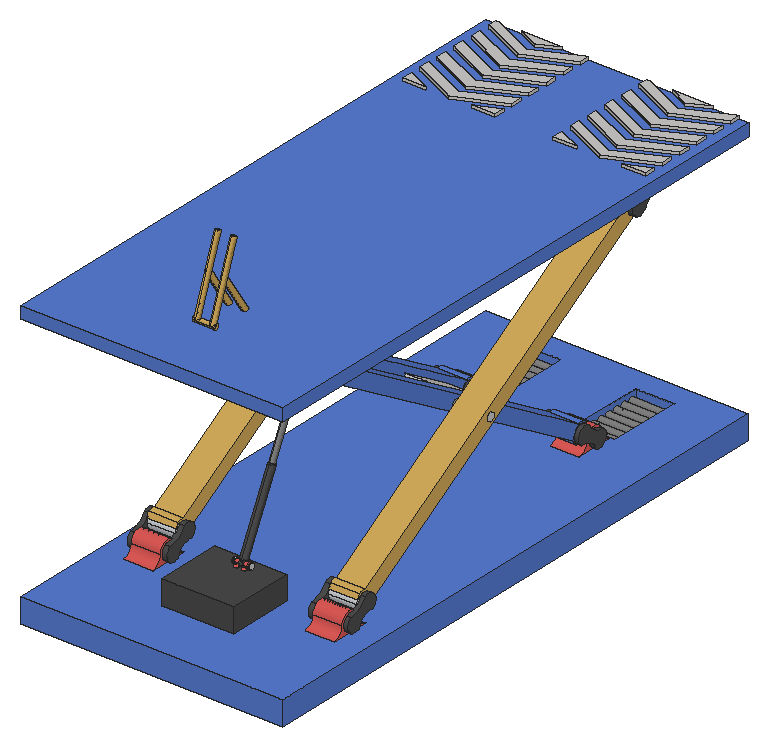
Revit family "Motorcycle lift", category Generic Models, host Floor, Revit 2011
Reference planes (in)
  plane 1 "Center (Front/Back)": y = 0
  plane 2: z = 0
  plane 3 "Center (Left/Right)": x = 0
Forms (in)
  Extrusion 1, solid, material "base"
    sketch origin (0, 0, 0) x (0, 1, 0) y (0, 0, 1)
      loop
        line (-60, 0) -> (60, 0) -> (60, 5) -> (-60, 5) -> (-60, 0)
    from 0 to 54
  Extrusion 2, solid, material "roll pins"
    sketch origin (0, 0, 0) x (0, 1, 0) y (0, 0, 1)
      loop
        circle (-36, 7) r 1.75
      loop
        arc (-38, 7) -> (-38.58579, 5.58579) -> (-40, 5) r 2
        line (-40, 5) -> (-32, 5)
        arc (-32, 5) -> (-33.41421, 5.58579) -> (-34, 7) r 2
        arc (-34, 7) -> (-36, 9) -> (-38, 7) r 2
    from 5.29201 to 11.29952
  Extrusion 3, solid, material "roll pins"
    sketch origin (54, 0, 0) x (0, 1, 0) y (0, 0, -1)
      loop
        arc (38, -7) -> (38.58579, -5.58579) -> (40, -5) r 2
        line (40, -5) -> (32, -5)
        arc (32, -5) -> (33.41421, -5.58579) -> (34, -7) r 2
        arc (34, -7) -> (36, -9) -> (38, -7) r 2
      loop
        circle (36, -7) r 1.75
    from 12.45048 to 18.45048
  Extrusion 4, solid, material "bushing"
    sketch origin (0, 0, 0) x (0, 1, 0) y (0, 0, 1)
      loop
        arc (-36.91402, 8.49234) -> (-37.49234, 6.08598) -> (-35.08598, 5.50766) r 1.75
        arc (-35.08598, 5.50766) -> (-33.65564, 7.24089) -> (-31.46174, 7.72743) r 3.45428
        arc (-31.46174, 7.72743) -> (-30.88342, 10.13379) -> (-33.28978, 10.7121) r 1.75
        arc (-33.28978, 10.7121) -> (-34.77369, 9.06635) -> (-36.91402, 8.49234) r 3.90718
    from 4.28139 to 5.29201
  Extrusion 5, solid, material "bushing"
    sketch origin (54, 0, 0) x (0, -1, 0) y (0, 0, 1)
      loop
        arc (-36.91402, 8.49234) -> (-37.49234, 6.08598) -> (-35.08598, 5.50766) r 1.75
        arc (-35.08598, 5.50766) -> (-33.65564, 7.24089) -> (-31.46174, 7.72743) r 3.45428
        arc (-31.46174, 7.72743) -> (-30.88342, 10.13379) -> (-33.28978, 10.7121) r 1.75
        arc (-33.28978, 10.7121) -> (-34.77369, 9.06635) -> (-36.91402, 8.49234) r 3.90718
    from 11.43532 to 12.45048
  Extrusion 6, solid, material "bushing"
    sketch origin (23.09905, 0, 0) x (0, -1, 0) y (0, 0, -1)
      loop
        arc (-36.91402, -8.49234) -> (-34.77369, -9.06635) -> (-33.28978, -10.7121) r 3.90718
        arc (-33.28978, -10.7121) -> (-30.88342, -10.13379) -> (-31.46174, -7.72743) r 1.75
        arc (-31.46174, -7.72743) -> (-33.65564, -7.24089) -> (-35.08598, -5.50766) r 3.45428
        arc (-35.08598, -5.50766) -> (-37.49234, -6.08598) -> (-36.91402, -8.49234) r 1.75
    from 11.43532 to 12.45048
  Extrusion 7, solid, material "bushing"
    sketch origin (30.90095, 0, 0) x (0, 1, 0) y (0, 0, -1)
      loop
        arc (-36.91402, -8.49234) -> (-34.77369, -9.06635) -> (-33.28978, -10.7121) r 3.90718
        arc (-33.28978, -10.7121) -> (-30.88342, -10.13379) -> (-31.46174, -7.72743) r 1.75
        arc (-31.46174, -7.72743) -> (-33.65564, -7.24089) -> (-35.08598, -5.50766) r 3.45428
        arc (-35.08598, -5.50766) -> (-37.49234, -6.08598) -> (-36.91402, -8.49234) r 1.75
    from 18.45048 to 19.60143
  Extrusion 8, solid
    sketch origin (0, 0, 0) x (0, 1, 0) y (0, 0, 1)
      loop
        circle (-32.37576, 9.21976) r 1.75
    from 5.29201 to 11.29952
  Extrusion 9, solid
    sketch origin (54, 0, 0) x (0, -1, 0) y (0, 0, 1)
      loop
        circle (-32.37576, 9.21976) r 1.75
    from 12.45048 to 18.45048
  Extrusion 10, solid, material "exterior arm"
    sketch origin (0, 0, 0) x (0, 1, 0) y (0, 0, 1)
      loop
        arc (-31.33116, 7.51424) -> (-30.78509, 8.00457) -> (-30.44951, 8.65726) r 2.02608
        line (-30.44951, 8.65726) -> (36.776, 49.83132)
        arc (36.776, 49.83132) -> (37.50991, 49.83365) -> (38.19483, 50.09728) r 2.02608
        line (38.19483, 50.09728) -> (38.70913, 51.00759)
        arc (38.70913, 51.00759) -> (35.6579, 50.88879) -> (37.15024, 53.55281) r 1.75
        line (37.15024, 53.55281) -> (36.0784, 53.55281)
        arc (36.0784, 53.55281) -> (35.50919, 53.03188) -> (35.17601, 52.33592) r 2.02608
        line (35.17601, 52.33592) -> (-31.95354, 11.22064)
        arc (-31.95354, 11.22064) -> (-32.72489, 11.2401) -> (-33.44759, 10.96976) r 2.02608
        line (-33.44759, 10.96976) -> (-33.93464, 10.01498)
        arc (-33.93464, 10.01498) -> (-30.88342, 10.13379) -> (-32.37576, 7.46976) r 1.75
        line (-32.37576, 7.46976) -> (-31.33116, 7.51424)
    from 5.29201 to 11.29952
  Extrusion 11, solid, material "base"
    sketch origin (0, 0, 0) x (0, -1, 0) y (0, 0, -1)
      loop
        line (-31.33116, -7.51424) -> (-32.37576, -7.46976)
        arc (-32.37576, -7.46976) -> (-30.88342, -10.13379) -> (-33.93464, -10.01498) r 1.75
        line (-33.93464, -10.01498) -> (-33.44759, -10.96976)
        arc (-33.44759, -10.96976) -> (-32.72489, -11.2401) -> (-31.95354, -11.22064) r 2.02608
        line (-31.95354, -11.22064) -> (35.17601, -52.33592)
        arc (35.17601, -52.33592) -> (35.50919, -53.03188) -> (36.0784, -53.55281) r 2.02608
        line (36.0784, -53.55281) -> (37.15024, -53.55281)
        arc (37.15024, -53.55281) -> (35.6579, -50.88879) -> (38.70913, -51.00759) r 1.75
        line (38.70913, -51.00759) -> (38.19483, -50.09728)
        arc (38.19483, -50.09728) -> (37.50991, -49.83365) -> (36.776, -49.83132) r 2.02608
        line (36.776, -49.83132) -> (-30.44951, -8.65726)
        arc (-30.44951, -8.65726) -> (-30.78509, -8.00457) -> (-31.33116, -7.51424) r 2.02608
    from 35.54952 to 41.54952
  Extrusion 12, solid, material "Bearing"
    sketch origin (0, 0, 0) x (0, 1, 0) y (0, 0, 1)
      loop
        circle (0, 29.04916) r 0.75
    from 5.29201 to 18.45048
  Extrusion 13, solid, material "roll pins"
    sketch origin (54, 0, 0) x (0, 1, 0) y (0, 0, -1)
      loop
        circle (-36, -7) r 1.75
      loop
        arc (-38, -7) -> (-36, -9) -> (-34, -7) r 2
        arc (-34, -7) -> (-33.41421, -5.58579) -> (-32, -5) r 2
        line (-32, -5) -> (-40, -5)
        arc (-40, -5) -> (-38.58579, -5.58579) -> (-38, -7) r 2
    from 5.29201 to 11.29952
  Extrusion 14, solid, material "bushing"
    sketch origin (54, 0, 0) x (0, 1, 0) y (0, 0, -1)
      loop
        arc (-36.91402, -8.49234) -> (-34.77369, -9.06635) -> (-33.28978, -10.7121) r 3.90718
        arc (-33.28978, -10.7121) -> (-30.88342, -10.13379) -> (-31.46174, -7.72743) r 1.75
        arc (-31.46174, -7.72743) -> (-33.65564, -7.24089) -> (-35.08598, -5.50766) r 3.45428
        arc (-35.08598, -5.50766) -> (-37.49234, -6.08598) -> (-36.91402, -8.49234) r 1.75
    from 4.28139 to 5.29201
  Extrusion 15, solid, material "bushing"
    sketch origin (23.09905, 0, 0) x (0, 1, 0) y (0, 0, 1)
      loop
        arc (-36.91402, 8.49234) -> (-37.49234, 6.08598) -> (-35.08598, 5.50766) r 1.75
        arc (-35.08598, 5.50766) -> (-33.65564, 7.24089) -> (-31.46174, 7.72743) r 3.45428
        arc (-31.46174, 7.72743) -> (-30.88342, 10.13379) -> (-33.28978, 10.7121) r 1.75
        arc (-33.28978, 10.7121) -> (-34.77369, 9.06635) -> (-36.91402, 8.49234) r 3.90718
    from 18.45048 to 19.60143
  Extrusion 16, solid
    sketch origin (54, 0, 0) x (0, 1, 0) y (0, 0, -1)
      loop
        circle (-32.37576, -9.21976) r 1.75
    from 5.29201 to 11.29952
  Extrusion 17, solid, material "exterior arm"
    sketch origin (54, 0, 0) x (0, 1, 0) y (0, 0, -1)
      loop
        line (-31.33116, -7.51424) -> (-32.37576, -7.46976)
        arc (-32.37576, -7.46976) -> (-30.88342, -10.13379) -> (-33.93464, -10.01498) r 1.75
        line (-33.93464, -10.01498) -> (-33.44759, -10.96976)
        arc (-33.44759, -10.96976) -> (-32.72489, -11.2401) -> (-31.95354, -11.22064) r 2.02608
        line (-31.95354, -11.22064) -> (35.17601, -52.33592)
        arc (35.17601, -52.33592) -> (35.50919, -53.03188) -> (36.0784, -53.55281) r 2.02608
        line (36.0784, -53.55281) -> (37.15024, -53.55281)
        arc (37.15024, -53.55281) -> (35.6579, -50.88879) -> (38.70913, -51.00759) r 1.75
        line (38.70913, -51.00759) -> (38.19483, -50.09728)
        arc (38.19483, -50.09728) -> (37.50991, -49.83365) -> (36.776, -49.83132) r 2.02608
        line (36.776, -49.83132) -> (-30.44951, -8.65726)
        arc (-30.44951, -8.65726) -> (-30.78509, -8.00457) -> (-31.33116, -7.51424) r 2.02608
    from 5.29201 to 11.29952
  Extrusion 18, solid, material "roll pins"
    sketch origin (0, 0, 0) x (0, 1, 0) y (0, 0, 1)
      loop
        arc (38, 7) -> (36, 9) -> (34, 7) r 2
        arc (34, 7) -> (33.41421, 5.58579) -> (32, 5) r 2
        line (32, 5) -> (40, 5)
        arc (40, 5) -> (38.58579, 5.58579) -> (38, 7) r 2
      loop
        circle (36, 7) r 1.75
    from 12.45048 to 18.45048
  Extrusion 19, solid, material "bushing"
    sketch origin (0, 0, 0) x (0, -1, 0) y (0, 0, -1)
      loop
        arc (-36.91402, -8.49234) -> (-34.77369, -9.06635) -> (-33.28978, -10.7121) r 3.90718
        arc (-33.28978, -10.7121) -> (-30.88342, -10.13379) -> (-31.46174, -7.72743) r 1.75
        arc (-31.46174, -7.72743) -> (-33.65564, -7.24089) -> (-35.08598, -5.50766) r 3.45428
        arc (-35.08598, -5.50766) -> (-37.49234, -6.08598) -> (-36.91402, -8.49234) r 1.75
    from 11.43532 to 12.45048
  Extrusion 20, solid, material "bushing"
    sketch origin (30.90095, 0, 0) x (0, -1, 0) y (0, 0, 1)
      loop
        arc (-36.91402, 8.49234) -> (-37.49234, 6.08598) -> (-35.08598, 5.50766) r 1.75
        arc (-35.08598, 5.50766) -> (-33.65564, 7.24089) -> (-31.46174, 7.72743) r 3.45428
        arc (-31.46174, 7.72743) -> (-30.88342, 10.13379) -> (-33.28978, 10.7121) r 1.75
        arc (-33.28978, 10.7121) -> (-34.77369, 9.06635) -> (-36.91402, 8.49234) r 3.90718
    from 11.43532 to 12.45048
  Extrusion 21, solid
    sketch origin (0, 0, 0) x (0, -1, 0) y (0, 0, -1)
      loop
        circle (-32.37576, -9.21976) r 1.75
    from 12.45048 to 18.45048
  Extrusion 22, solid, material "base"
    sketch origin (54, 0, 0) x (0, -1, 0) y (0, 0, 1)
      loop
        arc (-31.33116, 7.51424) -> (-30.78509, 8.00457) -> (-30.44951, 8.65726) r 2.02608
        line (-30.44951, 8.65726) -> (36.776, 49.83132)
        arc (36.776, 49.83132) -> (37.50991, 49.83365) -> (38.19483, 50.09728) r 2.02608
        line (38.19483, 50.09728) -> (38.70913, 51.00759)
        arc (38.70913, 51.00759) -> (35.6579, 50.88879) -> (37.15024, 53.55281) r 1.75
        line (37.15024, 53.55281) -> (36.0784, 53.55281)
        arc (36.0784, 53.55281) -> (35.50919, 53.03188) -> (35.17601, 52.33592) r 2.02608
        line (35.17601, 52.33592) -> (-31.95354, 11.22064)
        arc (-31.95354, 11.22064) -> (-32.72489, 11.2401) -> (-33.44759, 10.96976) r 2.02608
        line (-33.44759, 10.96976) -> (-33.93464, 10.01498)
        arc (-33.93464, 10.01498) -> (-30.88342, 10.13379) -> (-32.37576, 7.46976) r 1.75
        line (-32.37576, 7.46976) -> (-31.33116, 7.51424)
    from 35.54952 to 41.54952
  Extrusion 23, solid, material "Bearing"
    sketch origin (54, 0, 0) x (0, 1, 0) y (0, 0, -1)
      loop
        circle (0, -29.04916) r 0.75
    from 5.29201 to 18.45048
  Extrusion 24, solid, material "Bolt head"
    sketch origin (0, 0, 0) x (0, 1, 0) y (0, 0, 1)
      loop
        line (0, 29.95653) -> (-0.7858, 29.50284) -> (-0.7858, 28.59547) -> (0, 28.14179) -> (0.7858, 28.59547) -> (0.7858, 29.50284) -> (0, 29.95653)
    from 5.00151 to 5.29201
  Extrusion 25, solid, material "Bolt head"
    sketch origin (23.75, 0, 0) x (0, 1, 0) y (0, 0, -1)
      loop
        line (0, -29.95653) -> (0.7858, -29.50284) -> (0.7858, -28.59547) -> (0, -28.14179) -> (-0.7858, -28.59547) -> (-0.7858, -29.50284) -> (0, -29.95653)
    from 5.00151 to 5.29952
  Extrusion 26, solid, material "Bolt head"
    sketch origin (54, 0, 0) x (0, 1, 0) y (0, 0, -1)
      loop
        line (0, -29.95653) -> (0.7858, -29.50284) -> (0.7858, -28.59547) -> (0, -28.14179) -> (-0.7858, -28.59547) -> (-0.7858, -29.50284) -> (0, -29.95653)
    from 5.00151 to 5.29201
  Extrusion 27, solid, material "Bolt head"
    sketch origin (30.25, 0, 0) x (0, 1, 0) y (0, 0, 1)
      loop
        line (0, 29.95653) -> (-0.7858, 29.50284) -> (-0.7858, 28.59547) -> (0, 28.14179) -> (0.7858, 28.59547) -> (0.7858, 29.50284) -> (0, 29.95653)
    from 5.00151 to 5.29952
  Extrusion 28, solid, material "base"
    sketch origin (0, 0, 61.5438) x (0, 1, 0) y (0, 0, 1)
      loop
        line (-60, -2.78385) -> (-60, -5.29347) -> (60, -5.29347) -> (60, -2.78385) -> (-60, -2.78385)
    from 0 to 54
  Extrusion 29, solid
    sketch origin (0, 0, 0) x (0, 1, 0) y (0, 0, 1)
      loop
        circle (-37.15224, 51.80942) r 1.72173
    from 12.45048 to 18.45048
  Extrusion 30, solid
    sketch origin (54, 0, 0) x (0, 1, 0) y (0, 0, -1)
      loop
        circle (-37.15224, -51.80942) r 1.72173
    from 12.45048 to 18.45048
  Extrusion 31, solid
    sketch origin (0, 0, 0) x (0, -1, 0) y (0, 0, -1)
      loop
        circle (-37.15224, -51.80942) r 1.72173
    from 5.29201 to 11.29952
  Extrusion 32, solid
    sketch origin (54, 0, 0) x (0, -1, 0) y (0, 0, 1)
      loop
        circle (-37.15224, 51.80942) r 1.72173
    from 5.29201 to 11.43532
  Extrusion 33, solid, material "bushing"
    sketch origin (0, 0, 0) x (0, 1, 0) y (0, 0, 1)
      loop
        arc (-39.05559, 54.93567) -> (-39.69055, 55.68758) -> (-40.63364, 55.96885) r 1.72173
        arc (-40.63364, 55.96885) -> (-42.35205, 54.35396) -> (-40.8469, 52.53865) r 1.72173
        arc (-40.8469, 52.53865) -> (-39.51955, 52.12963) -> (-38.68284, 51.021) r 2.25759
        arc (-38.68284, 51.021) -> (-38.0486, 50.33942) -> (-37.15224, 50.08769) r 1.72173
        arc (-37.15224, 50.08769) -> (-35.43052, 51.80942) -> (-37.15224, 53.53115) r 1.72173
        arc (-37.15224, 53.53115) -> (-38.38679, 53.85007) -> (-39.05559, 54.93567) r 1.70632
    from 11.29952 to 12.45048
  Extrusion 34, solid, material "bushing"
    sketch origin (30.90095, 0, 0) x (0, 1, 0) y (0, 0, -1)
      loop
        arc (-39.05559, -54.93567) -> (-38.38679, -53.85007) -> (-37.15224, -53.53115) r 1.70632
        arc (-37.15224, -53.53115) -> (-35.43052, -51.80942) -> (-37.15224, -50.08769) r 1.72173
        arc (-37.15224, -50.08769) -> (-38.0486, -50.33942) -> (-38.68284, -51.021) r 1.72173
        arc (-38.68284, -51.021) -> (-39.51955, -52.12963) -> (-40.8469, -52.53865) r 2.25759
        arc (-40.8469, -52.53865) -> (-42.35205, -54.35396) -> (-40.63364, -55.96885) r 1.72173
        arc (-40.63364, -55.96885) -> (-39.69055, -55.68758) -> (-39.05559, -54.93567) r 1.72173
    from 11.29952 to 12.45048
  Extrusion 35, solid, material "bushing"
    sketch origin (54, 0, 0) x (0, 1, 0) y (0, 0, -1)
      loop
        arc (-39.05559, -54.93567) -> (-38.38679, -53.85007) -> (-37.15224, -53.53115) r 1.70632
        arc (-37.15224, -53.53115) -> (-35.43052, -51.80942) -> (-37.15224, -50.08769) r 1.72173
        arc (-37.15224, -50.08769) -> (-38.0486, -50.33942) -> (-38.68284, -51.021) r 1.72173
        arc (-38.68284, -51.021) -> (-39.51955, -52.12963) -> (-40.8469, -52.53865) r 2.25759
        arc (-40.8469, -52.53865) -> (-42.35205, -54.35396) -> (-40.63364, -55.96885) r 1.72173
        arc (-40.63364, -55.96885) -> (-39.69055, -55.68758) -> (-39.05559, -54.93567) r 1.72173
    from 11.29952 to 12.45048
  Extrusion 36, solid, material "bushing"
    sketch origin (23.09905, 0, 0) x (0, 1, 0) y (0, 0, 1)
      loop
        arc (-39.05559, 54.93567) -> (-39.69055, 55.68758) -> (-40.63364, 55.96885) r 1.72173
        arc (-40.63364, 55.96885) -> (-42.35205, 54.35396) -> (-40.8469, 52.53865) r 1.72173
        arc (-40.8469, 52.53865) -> (-39.51955, 52.12963) -> (-38.68284, 51.021) r 2.25759
        arc (-38.68284, 51.021) -> (-38.0486, 50.33942) -> (-37.15224, 50.08769) r 1.72173
        arc (-37.15224, 50.08769) -> (-35.43052, 51.80942) -> (-37.15224, 53.53115) r 1.72173
        arc (-37.15224, 53.53115) -> (-38.38679, 53.85007) -> (-39.05559, 54.93567) r 1.70632
    from 11.29952 to 12.45048
  Extrusion 37, solid, material "bushing"
    sketch origin (0, 0, 0) x (0, -1, 0) y (0, 0, -1)
      loop
        arc (-39.05559, -54.93567) -> (-38.38679, -53.85007) -> (-37.15224, -53.53115) r 1.70632
        arc (-37.15224, -53.53115) -> (-35.43052, -51.80942) -> (-37.15224, -50.08769) r 1.72173
        arc (-37.15224, -50.08769) -> (-38.0486, -50.33942) -> (-38.68284, -51.021) r 1.72173
        arc (-38.68284, -51.021) -> (-39.51955, -52.12963) -> (-40.8469, -52.53865) r 2.25759
        arc (-40.8469, -52.53865) -> (-42.35205, -54.35396) -> (-40.63364, -55.96885) r 1.72173
        arc (-40.63364, -55.96885) -> (-39.69055, -55.68758) -> (-39.05559, -54.93567) r 1.72173
    from 11.29952 to 12.45048
  Extrusion 38, solid, material "bushing"
    sketch origin (16.59154, 0, 0) x (0, -1, 0) y (0, 0, 1)
      loop
        arc (-39.05559, 54.93567) -> (-39.69055, 55.68758) -> (-40.63364, 55.96885) r 1.72173
        arc (-40.63364, 55.96885) -> (-42.35205, 54.35396) -> (-40.8469, 52.53865) r 1.72173
        arc (-40.8469, 52.53865) -> (-39.51955, 52.12963) -> (-38.68284, 51.021) r 2.25759
        arc (-38.68284, 51.021) -> (-38.0486, 50.33942) -> (-37.15224, 50.08769) r 1.72173
        arc (-37.15224, 50.08769) -> (-35.43052, 51.80942) -> (-37.15224, 53.53115) r 1.72173
        arc (-37.15224, 53.53115) -> (-38.38679, 53.85007) -> (-39.05559, 54.93567) r 1.70632
    from 11.29952 to 12.45048
  Extrusion 39, solid, material "bushing"
    sketch origin (54, 0, 0) x (0, -1, 0) y (0, 0, 1)
      loop
        arc (-39.05559, 54.93567) -> (-39.69055, 55.68758) -> (-40.63364, 55.96885) r 1.72173
        arc (-40.63364, 55.96885) -> (-42.35205, 54.35396) -> (-40.8469, 52.53865) r 1.72173
        arc (-40.8469, 52.53865) -> (-39.51955, 52.12963) -> (-38.68284, 51.021) r 2.25759
        arc (-38.68284, 51.021) -> (-38.0486, 50.33942) -> (-37.15224, 50.08769) r 1.72173
        arc (-37.15224, 50.08769) -> (-35.43052, 51.80942) -> (-37.15224, 53.53115) r 1.72173
        arc (-37.15224, 53.53115) -> (-38.38679, 53.85007) -> (-39.05559, 54.93567) r 1.70632
    from 11.29952 to 12.45048
  Extrusion 40, solid, material "bushing"
    sketch origin (37.40846, 0, 0) x (0, -1, 0) y (0, 0, -1)
      loop
        arc (-39.05559, -54.93567) -> (-38.38679, -53.85007) -> (-37.15224, -53.53115) r 1.70632
        arc (-37.15224, -53.53115) -> (-35.43052, -51.80942) -> (-37.15224, -50.08769) r 1.72173
        arc (-37.15224, -50.08769) -> (-38.0486, -50.33942) -> (-38.68284, -51.021) r 1.72173
        arc (-38.68284, -51.021) -> (-39.51955, -52.12963) -> (-40.8469, -52.53865) r 2.25759
        arc (-40.8469, -52.53865) -> (-42.35205, -54.35396) -> (-40.63364, -55.96885) r 1.72173
        arc (-40.63364, -55.96885) -> (-39.69055, -55.68758) -> (-39.05559, -54.93567) r 1.72173
    from 11.29952 to 12.45048
  Extrusion 41, solid, material "roll pins"
    sketch origin (0, 0, 0) x (0, 1, 0) y (0, 0, 1)
      loop
        circle (-40.63364, 54.25018) r 1.71867
      loop
        arc (-42.63364, 54.25018) -> (-40.63364, 52.25018) -> (-38.63364, 54.25018) r 2
        arc (-38.63364, 54.25018) -> (-38.04785, 55.66439) -> (-36.63364, 56.25018) r 2
        line (-36.63364, 56.25018) -> (-44.63364, 56.25018)
        arc (-44.63364, 56.25018) -> (-43.21943, 55.66439) -> (-42.63364, 54.25018) r 2
    from 12.45048 to 18.45048
  Extrusion 42, solid, material "roll pins"
    sketch origin (54, 0, 0) x (0, 1, 0) y (0, 0, -1)
      loop
        circle (-40.63364, -54.25018) r 1.71867
      loop
        arc (-42.63364, -54.25018) -> (-43.21943, -55.66439) -> (-44.63364, -56.25018) r 2
        line (-44.63364, -56.25018) -> (-36.63364, -56.25018)
        arc (-36.63364, -56.25018) -> (-38.04785, -55.66439) -> (-38.63364, -54.25018) r 2
        arc (-38.63364, -54.25018) -> (-40.63364, -52.25018) -> (-42.63364, -54.25018) r 2
    from 12.45048 to 18.45048
  Extrusion 43, solid, material "roll pins"
    sketch origin (30.25, 0, 0) x (0, -1, 0) y (0, 0, -1)
      loop
        circle (-40.63364, -54.25018) r 1.71867
      loop
        arc (-42.63364, -54.25018) -> (-43.21943, -55.66439) -> (-44.63364, -56.25018) r 2
        line (-44.63364, -56.25018) -> (-36.63364, -56.25018)
        arc (-36.63364, -56.25018) -> (-38.04785, -55.66439) -> (-38.63364, -54.25018) r 2
        arc (-38.63364, -54.25018) -> (-40.63364, -52.25018) -> (-42.63364, -54.25018) r 2
    from 12.45048 to 18.45048
  Extrusion 44, solid, material "roll pins"
    sketch origin (23.75, 0, 0) x (0, -1, 0) y (0, 0, 1)
      loop
        circle (-40.63364, 54.25018) r 1.71867
      loop
        arc (-42.63364, 54.25018) -> (-40.63364, 52.25018) -> (-38.63364, 54.25018) r 2
        arc (-38.63364, 54.25018) -> (-38.04785, 55.66439) -> (-36.63364, 56.25018) r 2
        line (-36.63364, 56.25018) -> (-44.63364, 56.25018)
        arc (-44.63364, 56.25018) -> (-43.21943, 55.66439) -> (-42.63364, 54.25018) r 2
    from 12.45048 to 18.45048
  Extrusion 45, void
    sketch origin (0, 0, 0) x (1, 0, 0) y (0, 1, 0)
      loop
        line (34.53437, 40) -> (42.56468, 40) -> (42.56468, 55.25) -> (34.53437, 55.25) -> (34.53437, 40)
    from 3.26943 to 5
  Extrusion 46, solid, material "hyrdo column"
    sketch origin (0, 0, 0) x (0, 1, 0) y (0, 0, 1)
      loop
        circle (42, 3.26943) r 0.75
      loop
        circle (44, 3.26943) r 0.75
      loop
        circle (46, 3.26943) r 0.75
      loop
        circle (48, 3.26943) r 0.75
      loop
        circle (50, 3.26943) r 0.75
      loop
        circle (52, 3.26943) r 0.75
      loop
        circle (54, 3.26943) r 0.75
    from 34.53437 to 42.56468
  Extrusion 47, solid, material "hyrdo column"
    sketch origin (54, 0, 0) x (0, 1, 0) y (0, 0, -1)
      loop
        circle (42, -3.26943) r 0.75
      loop
        circle (44, -3.26943) r 0.75
      loop
        circle (46, -3.26943) r 0.75
      loop
        circle (48, -3.26943) r 0.75
      loop
        circle (50, -3.26943) r 0.75
      loop
        circle (52, -3.26943) r 0.75
      loop
        circle (54, -3.26943) r 0.75
    from 34.53437 to 42.56468
  Extrusion 48, solid, material "land Plates"
    sketch origin (0, 0, 0) x (0, 1, 0) y (0, 0, 1)
      loop
        line (16.05424, 19.49277) -> (15.66252, 18.85319) -> (25.04291, 13.10792) -> (25.43464, 13.74749) -> (16.05424, 19.49277)
      loop
        line (-22.71183, 42.35658) -> (-5.65656, 31.91063) -> (-5.26484, 32.55021) -> (-22.32011, 42.99616) -> (-22.71183, 42.35658)
    from 15.77679 to 38.77646
  Extrusion 49, solid, material "pump base"
    sketch origin (0, 0, 0) x (0, 1, 0) y (0, 0, 1)
      loop
        line (-48, 5) -> (-34.36179, 5) -> (-34.36179, 9.94177) -> (-48, 9.94177) -> (-48, 5)
    from 19.60143 to 34.39857
  Extrusion 50, solid, material "roll pins"
    sketch origin (54.55326, 0, 0) x (0, 1, 0) y (0, 0, -1)
      loop
        arc (-22.45598, -41.2988) -> (-22.30045, -41.74934) -> (-22.45598, -42.19988) r 0.73034
        line (-22.45598, -42.19988) -> (-20.48112, -40.99032)
        arc (-20.48112, -40.99032) -> (-20.95313, -40.92414) -> (-21.28379, -40.58086) r 0.73034
        arc (-21.28379, -40.58086) -> (-22.23328, -40.34651) -> (-22.45598, -41.2988) r 0.68734
      loop
        circle (-21.87429, -40.93264) r 0.55774
    from 27.82789 to 28.85278
  Extrusion 51, solid, material "roll pins"
    sketch origin (0, 0, 0) x (0, 1, 0) y (0, 0, 1)
      loop
        arc (-22.45598, 41.2988) -> (-22.23328, 40.34651) -> (-21.28379, 40.58086) r 0.68734
        arc (-21.28379, 40.58086) -> (-20.95313, 40.92414) -> (-20.48112, 40.99032) r 0.73034
        line (-20.48112, 40.99032) -> (-22.45598, 42.19988)
        arc (-22.45598, 42.19988) -> (-22.30045, 41.74934) -> (-22.45598, 41.2988) r 0.73034
      loop
        circle (-21.87429, 40.93264) r 0.55774
    from 27.82789 to 28.85278
  Revolve 52, solid, material "hyrdo column"
    sketch origin (27.27663, 0, 0) x (0, 1, 0) y (0, 0, -1)
      loop
        line (-22.14355, -40.38058) -> (-21.69415, -40.16139) -> (-28.84973, -25.49028) -> (-29.29913, -25.70946) -> (-22.14355, -40.38058)
      axis (-22.14355, -40.38058) -> (-29.29913, -25.70946)
    angle from 0 to 360
  Revolve 53, solid, material "Hydros base"
    sketch origin (27.27663, 0, 0) x (0, 1, 0) y (0, 0, -1)
      loop
        line (-29.29696, -25.7139) -> (-28.81625, -25.47945)
        arc (-28.81625, -25.47945) -> (-28.75002, -25.40512) -> (-28.75598, -25.30575) r 0.1297
        line (-28.75598, -25.30575) -> (-35.82482, -10.81248) -> (-36.42266, -11.10406) -> (-29.29696, -25.7139)
      axis (-29.29696, -25.7139) -> (-36.42266, -11.10406)
    angle from 0 to 360
  Extrusion 54, solid, material "bushing"
    sketch origin (0, 0, 0) x (0, 1, 0) y (0, 0, 1)
      loop
        arc (-21.53025, 40.49365) -> (-21.61856, 41.4283) -> (-22.43142, 40.9586) r 0.55774
        arc (-22.43142, 40.9586) -> (-22.47535, 40.72222) -> (-22.62499, 40.53405) r 0.49748
        line (-22.62499, 40.53405) -> (-21.72471, 40.09495)
        arc (-21.72471, 40.09495) -> (-21.67438, 40.31718) -> (-21.53025, 40.49365) r 0.49748
    from 26.72536 to 27.82789
  Extrusion 55, solid
    sketch origin (0, 0, 0) x (0, 1, 0) y (0, 0, 1)
      loop
        circle (-21.87429, 40.93264) r 0.55774
      loop
        circle (-21.87429, 40.93264) r 0.46098
    from 26.72536 to 27.82789
  Extrusion 56, solid
    sketch origin (0, 0, 0) x (0, 1, 0) y (0, 0, 1)
      loop
        circle (-21.87429, 40.93264) r 0.46098
    from 25.28706 to 29.29741
  Extrusion 57, solid, material "Bolt head"
    sketch origin (0, 0, 0) x (0, 1, 0) y (0, 0, 1)
      loop
        circle (-21.87429, 40.93264) r 0.5
      loop
        circle (-21.87429, 40.93264) r 0.46098
    from 25.28706 to 25.70048
  Extrusion 58, solid, material "Bolt head"
    sketch origin (0, 0, 0) x (0, 1, 0) y (0, 0, 1)
      loop
        circle (-21.87429, 40.93264) r 0.5
    from 25.14997 to 25.28706
  Extrusion 59, solid, material "Bolt head"
    sketch origin (54.55326, 0, 0) x (0, 1, 0) y (0, 0, -1)
      loop
        circle (-21.87429, -40.93264) r 0.5
      loop
        circle (-21.87429, -40.93264) r 0.46098
    from 25.25585 to 25.70048
  Extrusion 60, solid, material "Bolt head"
    sketch origin (54.55326, 0, 0) x (0, 1, 0) y (0, 0, -1)
      loop
        circle (-21.87429, -40.93264) r 0.5
    from 25.12328 to 25.25585
  Extrusion 61, solid, material "bushing"
    sketch origin (0, 0, 0) x (0, 1, 0) y (0, 0, 1)
      loop
        circle (-36.69749, 10.53432) r 0.5
      loop
        arc (-37.14775, 10.97943) -> (-36.96987, 9.96279) -> (-36.06818, 10.46493) r 0.63313
        line (-36.06818, 10.46493) -> (-35.82482, 10.81248) -> (-37.0205, 11.39565) -> (-37.14775, 10.97943)
    from 26.88905 to 27.66421
  Extrusion 62, solid, material "roll pins"
    sketch origin (0, 0, 0) x (0, 1, 0) y (0, 0, 1)
      loop
        circle (-36.69749, 10.53432) r 0.5
      loop
        arc (-35.73466, 9.94177) -> (-36.00513, 10.18472) -> (-36.10493, 10.53432) r 0.65679
        arc (-36.10493, 10.53432) -> (-36.69749, 11.12688) -> (-37.29005, 10.53432) r 0.59256
        arc (-37.29005, 10.53432) -> (-37.38985, 10.18472) -> (-37.66032, 9.94177) r 0.65679
        line (-37.66032, 9.94177) -> (-35.73466, 9.94177)
    from 27.66421 to 28.5421
  Extrusion 63, solid, material "roll pins"
    sketch origin (54.55326, 0, 0) x (0, 1, 0) y (0, 0, -1)
      loop
        circle (-36.69749, -10.53432) r 0.5
      loop
        line (-35.73466, -9.94177) -> (-37.66032, -9.94177)
        arc (-37.66032, -9.94177) -> (-37.38985, -10.18472) -> (-37.29005, -10.53432) r 0.65679
        arc (-37.29005, -10.53432) -> (-36.69749, -11.12688) -> (-36.10493, -10.53432) r 0.59256
        arc (-36.10493, -10.53432) -> (-36.00513, -10.18472) -> (-35.73466, -9.94177) r 0.65679
    from 27.66421 to 28.5421
  Extrusion 64, solid
    sketch origin (0, 0, 0) x (0, 1, 0) y (0, 0, 1)
      loop
        circle (-36.69749, 10.53432) r 0.5
    from 25.58707 to 28.96618
  Extrusion 65, solid, material "Bolt head"
    sketch origin (0, 0, 0) x (0, 1, 0) y (0, 0, 1)
      loop
        circle (-36.69749, 10.53432) r 0.5
      loop
        circle (-36.69749, 10.53432) r 0.56464
    from 25.58707 to 26.01116
  Extrusion 66, solid, material "Bolt head"
    sketch origin (0, 0, 0) x (0, 1, 0) y (0, 0, 1)
      loop
        circle (-36.69749, 10.53432) r 0.56464
    from 25.43642 to 25.58707
  Extrusion 67, solid, material "Bolt head"
    sketch origin (54.55326, 0, 0) x (0, 1, 0) y (0, 0, -1)
      loop
        circle (-36.69749, -10.53432) r 0.5
      loop
        circle (-36.69749, -10.53432) r 0.56464
    from 25.58707 to 26.01116
  Extrusion 68, solid, material "Bolt head"
    sketch origin (54.55326, 0, 0) x (0, 1, 0) y (0, 0, -1)
      loop
        circle (-36.69749, -10.53432) r 0.56464
    from 25.43642 to 25.58707
  Extrusion 69, void
    sketch origin (54, 0, 0) x (-1, 0, 0) y (0, -1, 0)
      loop
        line (34.53437, -40) -> (34.53437, -55.25) -> (42.56468, -55.25) -> (42.56468, -40) -> (34.53437, -40)
    from 3.26943 to 5
  Extrusion 70, solid, material "exterior arm"
    sketch origin (0, 0, 0) x (0, 1, 0) y (0, 0, 1)
      loop
        circle (-46.5, 59.25994) r 0.5
    from 25.0435 to 29.56457
  Revolve 71, solid, material "exterior arm"
    sketch origin (28.92998, 0, 0) x (0, 1, 0) y (0, 0, -1)
      loop
        line (-46.5, -59.25994) -> (-41.29412, -73.56299) -> (-40.82427, -73.39198) -> (-46.03015, -59.08893) -> (-46.5, -59.25994)
      axis (-41.29412, -73.56299) -> (-46.5, -59.25994)
    angle from 0 to 360
  Revolve 72, solid, material "exterior arm"
    sketch origin (25.64997, 0, 0) x (0, 1, 0) y (0, 0, -1)
      loop
        line (-46.5, -59.25994) -> (-41.29412, -73.56299) -> (-40.82427, -73.39198) -> (-46.03015, -59.08893) -> (-46.5, -59.25994)
      axis (-41.29412, -73.56299) -> (-46.5, -59.25994)
    angle from 0 to 360
  Revolve 73, solid, material "exterior arm"
    sketch origin (25.64997, 0, 0) x (0, 1, 0) y (0, 0, -1)
      loop
        line (-43.23971, -66.24046) -> (-43.72201, -66.98314) -> (-43.34884, -67.35631) -> (-37.76629, -58.75994) -> (-38.13946, -58.38676) -> (-43.23971, -66.24046)
      axis (-43.78177, -67.07516) -> (-38.13946, -58.38676)
    angle from 0 to 360
  Revolve 74, solid, material "exterior arm"
    sketch origin (28.92998, 0, 0) x (0, 1, 0) y (0, 0, -1)
      loop
        line (-43.23971, -66.24046) -> (-43.72201, -66.98314) -> (-43.34884, -67.35631) -> (-37.76629, -58.75994) -> (-38.13946, -58.38676) -> (-43.23971, -66.24046)
      axis (-43.78177, -67.07516) -> (-38.13946, -58.38676)
    angle from 0 to 360
  Extrusion 75, solid, material "runners"
    sketch origin (0, 0, 0) x (1, 0, 0) y (0, 1, 0)
      loop
        line (42.5, 36) -> (52, 40.42992) -> (52, 42.63668) -> (42.5, 38.20676) -> (33, 42.63668) -> (33, 40.42992) -> (42.5, 36)
      loop
        line (42.5, 40.41351) -> (52, 44.84343) -> (52, 47.05019) -> (42.5, 42.62027) -> (33, 47.05019) -> (33, 44.84343) -> (42.5, 40.41351)
      loop
        line (42.5, 44.82702) -> (52, 49.25695) -> (52, 51.4637) -> (42.5, 47.03378) -> (33, 51.4637) -> (33, 49.25695) -> (42.5, 44.82702)
      loop
        line (42.5, 49.24054) -> (52, 53.67046) -> (52, 55.87721) -> (42.5, 51.44729) -> (33, 55.87721) -> (33, 53.67046) -> (42.5, 49.24054)
      loop
        line (42.5, 53.65405) -> (52, 58.08397) -> (52, 60) -> (51.37654, 60) -> (42.5, 55.8608) -> (33.62346, 60) -> (33, 60) -> (33, 58.08397) -> (42.5, 53.65405)
      loop
        line (42.5, 58.06756) -> (46.64413, 60) -> (38.35587, 60) -> (42.5, 58.06756)
      loop
        line (47.2324, 36) -> (52, 36) -> (52, 38.22317) -> (47.2324, 36)
      loop
        line (37.7676, 36) -> (33, 38.22317) -> (33, 36) -> (37.7676, 36)
      loop
        line (11.5, 36) -> (21, 40.42992) -> (21, 42.63668) -> (11.5, 38.20676) -> (2, 42.63668) -> (2, 40.42992) -> (11.5, 36)
      loop
        line (11.5, 40.41351) -> (21, 44.84343) -> (21, 47.05019) -> (11.5, 42.62027) -> (2, 47.05019) -> (2, 44.84343) -> (11.5, 40.41351)
      loop
        line (11.5, 44.82702) -> (21, 49.25695) -> (21, 51.4637) -> (11.5, 47.03378) -> (2, 51.4637) -> (2, 49.25695) -> (11.5, 44.82702)
      loop
        line (11.5, 49.24054) -> (21, 53.67046) -> (21, 55.87721) -> (11.5, 51.44729) -> (2, 55.87721) -> (2, 53.67046) -> (11.5, 49.24054)
      loop
        line (11.5, 53.65405) -> (21, 58.08397) -> (21, 60) -> (20.37654, 60) -> (11.5, 55.8608) -> (2.62346, 60) -> (2, 60) -> (2, 58.08397) -> (11.5, 53.65405)
      loop
        line (11.5, 58.06756) -> (15.64413, 60) -> (7.35587, 60) -> (11.5, 58.06756)
      loop
        line (6.7676, 36) -> (2, 38.22317) -> (2, 36) -> (6.7676, 36)
      loop
        line (16.2324, 36) -> (21, 36) -> (21, 38.22317) -> (16.2324, 36)
    from 58.75994 to 59.34594
Cuts and joins
  Extrusion 45, Extrusion 69 cuts Extrusion 1
  Extrusion 45, Extrusion 69 cuts Extrusion 3
  Extrusion 45 cuts Extrusion 5
  Extrusion 45 cuts Extrusion 6
  Extrusion 69 cuts Extrusion 46
Lines and regions (in)
  model lines
    curve 1: line (27, 60, 0) -> (27, 50, 0)
Dimensions and locks (in)
  equal spacing: host sketch curve, plane 1 "Center (Front/Back)", host sketch curve
  equal spacing: host sketch curve, plane 3 "Center (Left/Right)", host sketch curve
  host sketch curve to host sketch curve = 10' - 0"  (x2)
  Extrusion 13 to Extrusion 1 = 0' - 3 3/4"
  aligned and locked: level to plane 2
